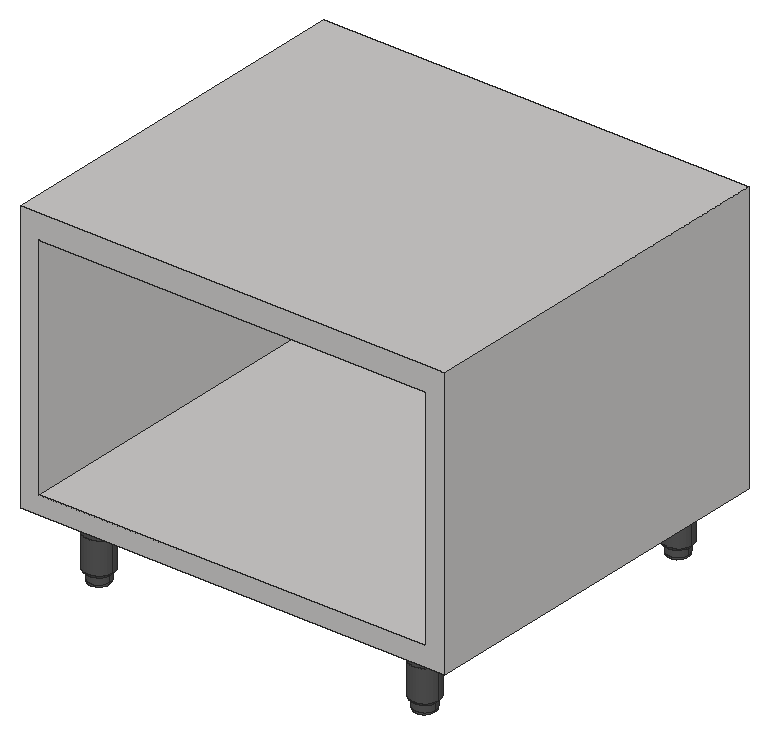
Revit family "QF_CAPIC_CELTIC_W383023", category Equipement spécialisé, Revit 2018
Family settings
  Cote de connecteur circulaire = Utiliser le diamètre
  Type d'élément = Normal
  Numéro OmniClass = 23.40.40.14
  Titre OmniClass = Food Service Equipment
  Basée sur le plan de construction = Non
  Toujours verticalement = Oui
  Couper avec des vides une fois chargée = Non
  Partagée = Non
  Point de calcul de pièce = Non
Parameters (values of type "L=800mm")
  URL catalogue = "http://www.capic-fr.com/fr/"
  Type de Raccord Plomberie [instance] = ""
  Type de Raccord Electrique [instance] = ""
  Type de Gaz = ""
  Type article [instance] = ""
  Tension = 0 V
  Spécification du Fabricant = ""
  Show Logo = yes
  Remarques evacuation [instance] = ""
  Remarques Plomberie [instance] = ""
  Remarques Electricité [instance] = ""
  Puissance électrique  = 0 W
  Puissance Gaz kW = 0
  Profondeur hors tout = 716 mm
  Pression Maximum Eau Adoucie = 0.0 Pa
  Poids net à vide = 63.00 kg
  Phase = 0
  Modèle = "W383023"
  Longueur hors tout = 800 mm
  Intensité nominale = 0 A
  Hauteur hors tout = 630 mm
  Hauteur de Raccordement du Sol Finis = 0 mm
  Hauteur de Raccordement Gaz du Sol Finis = 0 mm
  Hauteur de Raccordement Evacuation Directe du Sol Finis = 0 mm
  Hauteur de Raccordement Eau Froide du Sol Finis = 0 mm
  Hauteur de Raccordement Eau Chaude du Sol Finis = 0 mm
  Hauteur de Raccordement Eau Adoucie du Sol Finis = 0 mm
  Fréquence = 0 Hz
  Fabricant = "CAPIC"
  Débit d'air d'extraction = 0.0 m³/h
  Débit Gaz = 0.0 L/s
  Débit Eau Froide = 0.0 L/s
  Débit Eau Chaude = 0.0 L/s
  Débit Eau Adoucie = 0.0 L/s
  Diamètre de Raccordement Gaz = 0 mm
  Diamètre de Raccordement Evacuation = 0 mm
  Diamètre de Raccordement Eau Froide = 0 mm
  Diamètre de Raccordement Eau Chaude = 0 mm
  Diamètre de Raccordement Eau Adoucie = 0 mm
  Description = "Placard Ouvert"
  Assembly Code = ""
  Classification  Omniclass nombre et titre = "23.40.40.14"
Reference planes
  plane 1 "Centre (avant/arrière)": y = 0
  plane 2: z = 0
  plane 3 "Centre (gauche/droite)": x = 0
  plane 4 "Centre G/E": y = 0
  plane 5: y = -838
  plane 6: x = 800
  plane 7: x = 798
  plane 8: x = 2
  plane 9: x = 765
  plane 10: x = 757
  plane 11: y = -820
  plane 12: z = 141
  plane 13: x = 43
  plane 14: x = 35
  plane 15: y = -182
  plane 16: z = 621
  plane 17: z = 120
  plane 18: y = -122
  plane 19 "Centre G/G": y = -89
Forms (mm)
  Extrusion 1, solid, material "QF_Stainless Steel-Brushed"
    sketch origin (1480, 0, 0) x (1, 0, 0) y (0, 0, 1)
      loop
        line (-1480, 630) -> (-1480, 120) -> (-680, 120) -> (-680, 630) -> (-1480, 630)
    from 838 to 122
  Extrusion 2, void
    sketch origin (1480, 0, 0) x (1, 0, 0) y (0, 0, 1)
      loop
        line (-1445, 155.456) -> (-715, 155.456) -> (-715, 585.456) -> (-1445, 585.456) -> (-1445, 155.456)
    from 838 to 182
  Extrusion 3, void
    sketch origin (1480, 0, 0) x (1, 0, 0) y (0, 1, 0)
      loop
        line (-1445, -131.5) -> (-1445, -820) -> (-715, -820) -> (-715, -131.5) -> (-1445, -131.5)
    from 120 to 141
Cuts and joins
  Extrusion 2, Extrusion 3 cuts Extrusion 1
Dimensions and locks
  locked: plane 9 to plane 6 at 35
  "Profondeur hors tout": plane 5 to plane 18
  locked: plane 7 to plane 6 at 2
  locked: plane 3 "Centre (gauche/droite)" to plane 8 at 2
  "Longueur hors tout": plane 3 "Centre (gauche/droite)" to plane 6
  locked: plane 3 "Centre (gauche/droite)" to plane 14 at 35
  locked: plane 11 to plane 5 at 18
  locked: plane 15 to plane 5 at 656
  plane 12 to plane 17 to plane 2 = 21 mm locked, 120 mm locked
  locked: plane 10 to plane 6 at 43
  aligned and locked: level to plane 2
  aligned and locked: Extrusion 1 to Extrusion 2
  aligned and locked: cut or joined group of Extrusion 1, Extrusion 2, Extrusion 3 to plane 5
  aligned and locked: nested 1 to plane 12
  aligned and locked: nested 2 to plane 12
  aligned and locked: nested 2 to plane 11
  aligned and locked: nested 2 to plane 13
  aligned and locked: nested 1 to plane 13
  aligned and locked: nested 3 to plane 10
  aligned and locked: nested 4 to plane 10
  aligned and locked: plane 11 to nested 4
  aligned and locked: Extrusion 3 to plane 11
  aligned and locked: plane 15 to cut or joined group of Extrusion 1, Extrusion 2, Extrusion 3
  aligned and locked: plane 18 to cut or joined group of Extrusion 1, Extrusion 2, Extrusion 3
Automatic sketch dimensions
  Extrusion 1 sketch curve to plane 3 "Centre (gauche/droite)" = 0 mm
  Extrusion 1 sketch curve to plane 6 = 0 mm
  level to Extrusion 1 sketch curve = 120 mm
  Extrusion 1 sketch curve to Extrusion 1 sketch curve = 510 mm
  Extrusion 2 sketch curve to plane 9 = 0 mm
  level to Extrusion 2 sketch curve = 155.456 mm
  Extrusion 2 sketch curve to Extrusion 2 sketch curve = 430 mm
  Extrusion 3 sketch curve to plane 9 = 0 mm
  plane 1 "Centre (avant/arrière)" to Extrusion 3 sketch curve = 131.5 mm
  Extrusion 2 sketch curve to plane 8 = 33 mm
  Extrusion 3 sketch curve to plane 8 = 33 mm
  Extrusion 3 sketch curve to plane 11 = 0 mm
Nested families
  nested 1: "QF_Details_Pied" at (93, -223, 0), type "QF_Details_Pied"
  nested 2: "QF_Details_Pied" at (93, -820, 0), type "QF_Details_Pied"
  nested 3: "QF_Details_Pied" at (707, -223, 0), type "QF_Details_Pied"
  nested 4: "QF_Details_Pied" at (707, -820, 0), type "QF_Details_Pied"
Definition of nested family "QF_Details_Pied"
  Reference planes
    plane 1 "Centre (avant/arrière)": y = 0
    plane 2: z = 0
    plane 3 "Centre (gauche/droite)": x = 0
  Forms (mm)
    Extrusion 1, solid
      sketch origin (-137.492, 51.5, -340.756) x (1, 0, 0) y (0, 0, 1)
        loop
          line (87.492, 481.756) -> (87.492, 472.756) -> (187.492, 472.756) -> (187.492, 481.756) -> (87.492, 481.756)
      from -40 to 40
    Revolve 2, solid
      sketch origin (0, 51.5, -9) x (1, 0, 0) y (0, 0, 1)
        loop
          line (0, 141) -> (0, 9) -> (19.21, 9) -> (19.21, 13) -> (20.21, 13) -> (20.21, 26) -> (21.71, 26) -> (26.66, 30.95) -> (26.66, 90.95) -> (31.468, 136.698) -> (36.246, 141) -> (0, 141)
        axis (0, 141) -> (0, 9)
      angle from 0 to 360
  Dimensions and locks
    aligned and locked: level to plane 2
    aligned and locked: Extrusion 1 to Revolve 2 sketch curve
